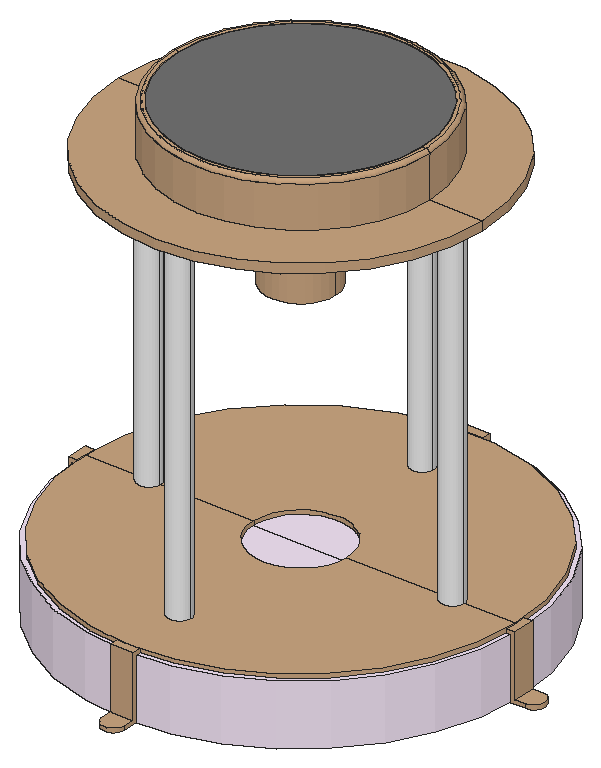
Revit family "Floor_Drain-JayRSmith-2039_Series", category Plumbing Fixtures, Revit 2018
Family settings
  Round Connector Dimension = Use Radius
  Part Type = Normal
  OmniClass Number = 23.70.50.21.24
  OmniClass Title = Waste Water Drains
  Work Plane-Based = Yes
  Always vertical = No
  Cut with Voids When Loaded = No
  Shared = Yes
  Room Calculation Point = No
Parameters (values of type "2039-02 (12" Top)")
  Width = 12 1/8"
  Waste Connection = yes
  Vent Connection = no
  URL = "www.jrsmith.com"
  Top to Base Height (Min. 3-3/4, Max. 13-5/8) [instance] = 13 5/8"
  Product Page URL = "https://www.jrsmith.com/product.aspx?ProductId=165"
  Product Function = "Used in flat roofs, gutters or valleys of any construction. Small diameter pan is particularly adaptable to gutters and valleys where limited space is available. Flashing clamp holds flashing and roofing materials without puncturing. Low profile dome provides sufficient free area for quick drainage of rain water and protects the drain sump and connected piping from the intrusion of debris."  # constant formula
  Product Documentation Link = "https://www.jrsmith.com/uploads/fileLibrary/d2039.pdf"
  Price = "Prices may vary. Please consult Manufacturer Representative for most up-to-date price list."  # constant formula
  Phone Number = "416-250-5656"  # constant formula
  PB - Polished Bronze Top = no
  Omniclass Table 23 Title = "Waste Water Drains"  # constant formula
  Omniclass Table 23 Code = "23.70.50.21.24"  # constant formula
  NB - Nickel Bonze Cover = yes
  Model = "2039"  # constant formula
  Material = Cast Iron-Jay R Smith-Duco Coated
  Masterformat Title = "Sanitary Drains"  # constant formula
  Masterformat Number = "22 13 19.13"  # constant formula
  Manufacturer = "Jay R. Smith"
  M - Ducolite Iron Grate = yes
  Length = 12 1/8"
  Height = 15 7/32"
  HW Connection = no
  G - Galvanized Cast Iron = no
  Drain = 2130 Med Duty Floor Drain 12 Top Size : 2130-02
  Description = "Floor Drain with FormIt® Installation Device"  # constant formula
  Default Elevation = 0"
  Creation Date = "7/31/20"  # constant formula
  Created By = "Allied Technical Solutions"  # constant formula
  Connection Size = 2"
  Connection Radius = Connection Size / 2  # 1"
  CW Connection = no
  Body Diameter = 15 1/4"
  Assembly Code = "D2030300"
  ATS URL = "http://www.atsspec.net"
Types (9): name | Drain | Connection Size | Connection Radius | Body Diameter
  (no name) | 2130 Med Duty Floor Drain 12 Top Size : 2130-02 | 2" | 1" | 15 1/4"
  2039-02 (8.5" Top) | 2110 Med Duty Floor Drain 8.5 Top Size : 2110-02 | 2" | 1" | 12"
  2039-03 (8.5" Top) | 2110 Med Duty Floor Drain 8.5 Top Size : 2110-03 | 3" | 1 1/2" | 12"
  2039-04 (8.5" Top) | 2110 Med Duty Floor Drain 8.5 Top Size : 2110-04 | 4" | 2" | 12"
  2039-06 (8.5" Top) | 2110 Med Duty Floor Drain 8.5 Top Size : 2110-06 | 6" | 3" | 12"
  2039-02 (12" Top) | 2130 Med Duty Floor Drain 12 Top Size : 2130-02 | 2" | 1" | 15 1/4"
  2039-03 (12" Top) | 2130 Med Duty Floor Drain 12 Top Size : 2130-03 | 3" | 1 1/2" | 15 1/4"
  2039-04 (12" Top) | 2130 Med Duty Floor Drain 12 Top Size : 2130-04 | 4" | 2" | 15 1/4"
  2039-06 (12" Top) | 2130 Med Duty Floor Drain 12 Top Size : 2130-06 | 6" | 3" | 15 1/4"
Reference planes (in)
  plane 1 "Center (Front/Back)": y = 0
  plane 2: z = 0
  plane 3 "Center (Left/Right)": x = 0
  plane 4: y = 0.36122
  plane 5: y = -0.36122
  plane 6: y = 6
  plane 7: y = -6
  plane 8: x = -6
  plane 9: x = 6
  plane 10: z = -1.47656
  plane 11: z = -15.10156
  plane 12: z = -13.10986
  plane 13: x = -1
  plane 14: x = -6.625
  plane 15: x = 6.625
  plane 16: y = 6.625
  plane 17: y = -6.625
  plane 18: x = -5
  plane 19: x = 5
  plane 20: y = -5
  plane 21: y = 5
  plane 22: z = -1.77307
Forms (in)
  Extrusion 1, solid, material "Steel"
    sketch origin (0, 0, 0) x (1, 0, 0) y (0, 1, 0)
      loop
        circle (5, 0) r 0.375
      loop
        circle (-5, 0) r 0.375
      loop
        circle (0, 5) r 0.375
      loop
        circle (0, -5) r 0.375
    from -13.10986 to -1.77307
  Revolve 2, solid, material "Cast Iron-Jay R Smith-Duco Coated"
    sketch origin (0, 0, 0) x (1, 0, 0) y (0, 0, 1)
      loop
        line (-1.54064, -12.97656) -> (-7.08128, -12.97656) -> (-7.08128, -13.10986) -> (-1.54064, -13.10986) -> (-1.54064, -12.97656)
      axis (0, -13.10986) -> (0, -12.97656)
    angle from 0 to 360
Dimensions and locks (in)
  locked: plane 1 "Center (Front/Back)" to plane 4 at 0.36122
  locked: plane 5 to plane 1 "Center (Front/Back)" at 0.36122
  locked: plane 7 to plane 6 at 12
  equal spacing: plane 7, plane 1 "Center (Front/Back)", plane 6
  locked: plane 9 to plane 8 at 12
  equal spacing: plane 9, plane 3 "Center (Left/Right)", plane 8
  "Top to Base Height (Min. 3-3/4, Max. 13-5/8)": plane 10 to plane 11
  locked: plane 12 to plane 11 at 1.9917
  "Connection Radius": plane 3 "Center (Left/Right)" to plane 13
  locked: Revolve 2 sketch curve to plane 13 at 0.54064
  locked: plane 8 to plane 14 at 0.625
  locked: plane 9 to plane 15 at 0.625
  locked: plane 6 to plane 16 at 0.625
  locked: plane 7 to plane 17 at 0.625
  locked: plane 3 "Center (Left/Right)" to Revolve 2 sketch curve at 7.08128
  plane 6 to plane 7 = 12"
  aligned and locked: plane 3 "Center (Left/Right)" to nested 1
  aligned and locked: plane 1 "Center (Front/Back)" to nested 1
  aligned and locked: nested 1 to plane 11
  aligned and locked: Extrusion 1 to plane 12
  aligned and locked: Revolve 2 sketch curve to plane 12
  aligned and locked: plane 3 "Center (Left/Right)" to Extrusion 1 sketch curve  (x2)
  aligned and locked: plane 1 "Center (Front/Back)" to Extrusion 1 sketch curve  (x2)
  aligned and locked: plane 3 "Center (Left/Right)" to nested 2
  aligned and locked: plane 1 "Center (Front/Back)" to nested 2
  aligned and locked: nested 2 to plane 2
  aligned and locked: plane 18 to Extrusion 1 sketch curve
  aligned and locked: plane 19 to Extrusion 1 sketch curve
  aligned and locked: plane 20 to Extrusion 1 sketch curve
  aligned and locked: plane 21 to Extrusion 1 sketch curve
  aligned and locked: Extrusion 1 to plane 22
Automatic sketch dimensions
  Revolve 2 sketch curve to plane 3 "Center (Left/Right)" = 0"
  Revolve 2 sketch curve to Revolve 2 sketch curve = 0.1333"
  plane 11 to Revolve 2 sketch curve = 2"
  Revolve 2 sketch curve to Revolve 2 sketch curve = 1 1/4"
  radius of Extrusion 1 sketch curve = 3/8"  (x4)
Nested families (in)
  nested 1: "Leg" at (0, 0, -12.97656), type "Leg"
  nested 2: "2110 Med Duty Floor Drain 8.5 Top Size" at (0, 0, -0.125), type "2110-02"
Connectors (in)
  piping at (0, 0, -15.10156), diameter 2, driven by "Connection Radius"
    settings: on nested 1, index 1, connector inside diameter 24", connector length 0", flow factor 0, pipe flow 0 GPM, pressure drop 0.00 psi, fitting loss kfactor 0, connector angle 0.00°, fixture units 0, engagement length 0", angle of deflection 0.00°, flow configuration 0, flow direction 2, fitting loss method 0, system type 16, joint type 0, gender type 0, connector reference index -1, connector utility 0, adjustable connector no, is connector primary yes, connector description "Outlet Connection"
Definition of nested family "Leg"
  Parameters (values of type "Leg")
    Width = 16 5/8"
    Waste Connection Radius = 1"
    Waste Connection Diameter = Waste Connection Radius * 2  # 2"
    Waste Connection = yes
    Vent Connection = no
    URL = "www.jrsmith.com"
    U - Vandal Proof Screw = no
    Strainer Height = 0"
    Strainer Diameter or SQ = 0"
    Product Page URL = "https://www.jrsmith.com/product.aspx?ProductId=227"
    Product Function = "Used in flat roofs, gutters or valleys of any construction. Small diameter pan is particularly adaptable to gutters and valleys where limited space is available. Flashing clamp holds flashing and roofing materials without puncturing. Low profile dome provides sufficient free area for quick drainage of rain water and protects the drain sump and connected piping from the intrusion of debris."  # constant formula
    Product Documentation Link = "https://www.jrsmith.com/uploads/fileLibrary/d3250.pdf"
    Price = "Prices may vary. Please consult Manufacturer Representative for most up-to-date price list."  # constant formula
    Phone Number = "416-250-5656"  # constant formula
    PDBS - Polished Aluminum Dome Bottom Strainer = no
    Omniclass Table 23 Title = "Waste Water Drains"  # constant formula
    Omniclass Table 23 Code = "23.70.50.21.24"  # constant formula
    No-Hub Outlet = no
    Model = "3250C"
    Material = none
    Masterformat Title = "Sanitary Drains"  # constant formula
    Masterformat Number = "22 13 19.13"  # constant formula
    Manufacturer = "Jay R. Smith"
    Length = 28 5/8"
    Height = 20 1/2"
    HW Connection = no
    FBS - Flat Bottom Strainer = no
    Description = "Sani-Ceptor® Sanitary Acid Resistant Coated Sanitary Floor and Indirect Waste Drains with Extra Deep Receptor and Rectangular Nickel Bronze Top"
    Default Elevation = 0"
    Creation Date = "6/10/20"  # constant formula
    Created By = "Allied Technical Solutions"  # constant formula
    Caulk Outlet = yes
    CW Connection = no
    C - flashing clamp = no
    Assembly Code = "D2030300"
    ATS URL = "http://www.atsspec.net"
  Reference planes (in)
    plane 1 "Center (Front/Back)": y = 0
    plane 2: z = 0
    plane 3 "Center (Left/Right)": x = 0
    plane 4: y = 0.36122
    plane 5: y = -0.36122
    plane 6: z = -2.125
    plane 7: z = 0
    plane 8: x = -8.0625
    plane 9: x = 8.0625
    plane 10: x = 5.23438
  Forms (in)
    Extrusion 1, solid
      sketch origin (0, 0, 12.96875) x (1, 0, 0) y (0, 0, 1)
        loop
          line (-6.76878, -13.10205) -> (-6.76878, -12.96875) -> (-7.35937, -12.96875) -> (-7.35937, -14.96875) -> (-8.0625, -14.96875) -> (-8.0625, -15.09375) -> (-7.23437, -15.09375) -> (-7.23437, -13.10205) -> (-6.76878, -13.10205)
      from -0.36122 to 0.36122
    Extrusion 2, void
      sketch origin (-2, 0, 12.96875) x (1, 0, 0) y (0, 1, 0)
        loop
          line (-5.70128, 0.36122) -> (-5.70128, 0.61122) -> (-6.37764, 0.61122) -> (-6.37764, -0.61122) -> (-5.70128, -0.61122) -> (-5.70128, -0.36122)
          arc (-5.70128, -0.36122) -> (-6.0625, 0) -> (-5.70128, 0.36122) r 0.36122
        loop
          line (-5.05486, -0.51747) -> (-4.61253, -0.51747) -> (-4.61253, 0.51747) -> (-5.05486, 0.51747)
          arc (-5.05486, 0.51747) -> (-5.08128, 0) -> (-5.05486, -0.51747) r 5.08128
        loop
          arc (9.70128, 0.36122) -> (10.0625, 0) -> (9.70128, -0.36122) r 0.36122
          line (9.70128, -0.36122) -> (9.70128, -0.61122) -> (10.37764, -0.61122) -> (10.37764, 0.61122) -> (9.70128, 0.61122) -> (9.70128, 0.36122)
        loop
          arc (9.05486, -0.51747) -> (9.08128, 0) -> (9.05486, 0.51747) r 5.08128
          line (9.05486, 0.51747) -> (8.61253, 0.51747) -> (8.61253, -0.51747) -> (9.05486, -0.51747)
      from -17.0032 to -9.64667
    Revolve 3, solid
      sketch origin (0, 0, 12.96875) x (1, 0, 0) y (0, 0, 1)
        loop
          line (-7.23438, -15.09375) -> (0, -15.09375) -> (0, -13.10205) -> (-7.23438, -13.10205) -> (-7.23438, -15.09375)
        axis (0, -15.09375) -> (0, -13.10205)
      angle from 0 to 360
    Extrusion 4, solid
      sketch origin (0, 0, 12.96875) x (-1, 0, 0) y (0, 0, -1)
        loop
          line (-6.76878, 13.10205) -> (-7.23437, 13.10205) -> (-7.23437, 15.09375) -> (-8.0625, 15.09375) -> (-8.0625, 14.96875) -> (-7.35937, 14.96875) -> (-7.35937, 12.96875) -> (-6.76878, 12.96875) -> (-6.76878, 13.10205)
      from -0.36122 to 0.36122
    Extrusion 5, solid
      sketch origin (0, 0, 12.96875) x (0, 1, 0) y (0, 0, 1)
        loop
          line (-6.76878, -13.10205) -> (-6.76878, -12.96875) -> (-7.35938, -12.96875) -> (-7.35938, -14.96875) -> (-8.0625, -14.96875) -> (-8.0625, -15.09375) -> (-7.23438, -15.09375) -> (-7.23438, -13.10205) -> (-6.76878, -13.10205)
      from -0.36122 to 0.36122
    Extrusion 6, void
      sketch origin (0, -2, 12.96875) x (0, 1, 0) y (-1, 0, 0)
        loop
          line (-5.70128, 0.36122) -> (-5.70128, 0.61122) -> (-6.37764, 0.61122) -> (-6.37764, -0.61122) -> (-5.70128, -0.61122) -> (-5.70128, -0.36122)
          arc (-5.70128, -0.36122) -> (-6.0625, 0) -> (-5.70128, 0.36122) r 0.36122
        loop
          line (-5.05486, -0.51747) -> (-4.61253, -0.51747) -> (-4.61253, 0.51747) -> (-5.05486, 0.51747)
          arc (-5.05486, 0.51747) -> (-5.08128, 0) -> (-5.05486, -0.51747) r 5.08128
        loop
          arc (9.70128, 0.36122) -> (10.0625, 0) -> (9.70128, -0.36122) r 0.36122
          line (9.70128, -0.36122) -> (9.70128, -0.61122) -> (10.37764, -0.61122) -> (10.37764, 0.61122) -> (9.70128, 0.61122) -> (9.70128, 0.36122)
        loop
          arc (9.05486, -0.51747) -> (9.08128, 0) -> (9.05486, 0.51747) r 5.08128
          line (9.05486, 0.51747) -> (8.61253, 0.51747) -> (8.61253, -0.51747) -> (9.05486, -0.51747)
      from -17.0032 to -9.64667
    Extrusion 7, solid
      sketch origin (0, 0, 12.96875) x (0, -1, 0) y (0, 0, -1)
        loop
          line (-6.76878, 13.10205) -> (-7.23437, 13.10205) -> (-7.23437, 15.09375) -> (-8.0625, 15.09375) -> (-8.0625, 14.96875) -> (-7.35937, 14.96875) -> (-7.35937, 12.96875) -> (-6.76878, 12.96875) -> (-6.76878, 13.10205)
      from -0.36122 to 0.36122
  Cuts and joins
    Extrusion 2 cuts Extrusion 1
    Extrusion 2 cuts Extrusion 4
    Extrusion 6 cuts Extrusion 5
    Extrusion 6 cuts Extrusion 7
  Dimensions and locks (in)
    locked: plane 1 "Center (Front/Back)" to plane 4 at 0.36122
    locked: plane 5 to plane 1 "Center (Front/Back)" at 0.36122
    locked: Extrusion 1 sketch curve to plane 6 at 0.125
    Extrusion 1 sketch curve to Extrusion 1 sketch curve to Extrusion 1 sketch curve to plane 8 = 0.4656" locked, 1/8" locked, 45/64" locked
    Extrusion 4 sketch curve to Extrusion 4 sketch curve to Extrusion 4 sketch curve = 0.4656" locked, 1/8" locked
    Extrusion 5 sketch curve to Extrusion 5 sketch curve to Extrusion 5 sketch curve = 0.4656" locked, 1/8" locked
    Extrusion 7 sketch curve to Extrusion 7 sketch curve to Extrusion 7 sketch curve = 0.4656" locked, 1/8" locked
    plane 9 to plane 8 = 16 1/8"
    aligned and locked: plane 7 to Extrusion 1 sketch curve
    aligned and locked: plane 6 to Extrusion 1 sketch curve
    aligned and locked: Extrusion 1 sketch curve to plane 8
Definition of nested family "2110 Med Duty Floor Drain 8.5 Top Size"
  Parameters (values of type "2110-02")
    Weight (lb) = 18.36
    Waste Connection = no
    Warranty = "1 year material and workmanship"  # constant formula
    Vent Connection = no
    URL = "http://www.jrsmith.com"
    Threaded = yes
    Technical and Installation = "http://www.jrsmith.com/products/floor/tech_data_index.htm"
    SmartBIM Object Version = 3  # constant formula
    SmartBIM Object Created By = "Reed Construction Data"  # constant formula
    Push On = yes
    Product URL = "http://www.jrsmith.com/products/floor/submittal/d2110.pdf"
    Pipe Radius = Pipe Diameter / 2  # 1"
    Pipe Diameter = 2"
    Outlet Diameter = "2\""
    OmniClass Title = "Sanitary Drains"  # constant formula
    OmniClass Code = "22-22 13 19 13"  # constant formula
    No Hub = yes
    Model = "2110"  # constant formula
    Material Finish = none
    Material = none
    Manufacturer = "Jay R. Smith Mfg. Co. "  # constant formula
    Free Area (sq. in) = "14.25"  # constant formula
    Flow Rate = ""
    Description = "Duco cast iron body and flashing collar with cast iron bar grate"  # constant formula
    Default Elevation = 0"  # constant formula
    Connection Type = ""
    Caulk = yes
    B = 3 3/4"
    Assembly Code = "D2030300"
    95 CSI = "15155"  # constant formula
    04 CSI = "22 13 19"  # constant formula
  Types (4): name | Weight (lb) | Pipe Radius | Pipe Diameter | Outlet Diameter
    2110-02 | 18.36 | 1" | 2" | "2\""
    2110-03 | 16.51 | 1 1/2" | 3" | "3\""
    2110-04 | 16.72 | 2" | 4" | "4\""
    2110-06 | 17.41 | 3" | 6" | "6\""
  Reference planes (in)
    plane 1 "Center (Front/Back)": y = 0
    plane 2: z = -0.02307
    plane 3 "Center (Left/Right)": x = 0
    plane 4: z = 0.125
    plane 5: z = -3.60193
    plane 6: x = -1
    plane 7: x = 1
    plane 8: x = -6
    plane 9: x = 6
    plane 10: x = 2
    plane 11: x = -4.25
    plane 12: x = 4.25
  Dimensions and locks (in)
    equal spacing: plane 7, plane 3 "Center (Left/Right)", plane 6
    plane 8 to plane 9 = 12"
    "Pipe Radius": plane 7 to plane 3 "Center (Left/Right)"
    plane 7 to plane 10 = 1"
    plane 11 to plane 12 = 8 1/2"
    locked: plane 4 to level at 0.125
    aligned and locked: plane 3 "Center (Left/Right)" to nested 1
    aligned and locked: plane 1 "Center (Front/Back)" to nested 1
    aligned and locked: plane 4 to nested 1
  Nested families (in)
    nested 1: "2110_JRSmith" at (0, 0, -1.64807), type "2110-06"
  Connectors (in)
    piping at (0, 0, -5.25), diameter 2, driven by "Pipe Radius"
      settings: on nested 1, index 1, connector inside diameter 2", connector length 0", flow factor 0, pipe flow 0 GPM, pressure drop 0.00 psi, fitting loss kfactor 0, connector angle 0.00°, fixture units 0, engagement length 0", angle of deflection 0.00°, flow configuration 0, flow direction 0, fitting loss method 0, system type 7, joint type 0, gender type 0, connector reference index -1, connector utility 0, adjustable connector no, is connector primary yes, connector description ""
  Definition of nested family "2110_JRSmith"
    Parameters
      Weight (lb) = 17.41
      Waste Connection = no
      Warranty = "1 year material and workmanship"  # constant formula
      Vent Connection = no
      URL = "http://www.jrsmith.com"
      Threaded = yes
      Technical and Installation = "http://www.jrsmith.com/products/floor/tech_data_index.htm"
      SmartBIM Object Version = 3  # constant formula
      SmartBIM Object Created By = "Reed Construction Data"  # constant formula
      Push On = yes
      Product URL = "http://www.jrsmith.com/products/floor/submittal/d2110.pdf"
      Pipe Radius = Pipe Diameter / 2  # 3"
      Pipe Diameter = 6"
      Outlet Diameter = "6\""
      OmniClass Title = "Sanitary Drains"  # constant formula
      OmniClass Code = "22-22 13 19 13"  # constant formula
      No Hub = yes
      Model = "2110"  # constant formula
      Material Finish = none
      Material = none
      Manufacturer = "Jay R. Smith Mfg. Co. "  # constant formula
      Free Area (sq. in) = "14.25"  # constant formula
      Flow Rate = ""
      Description = "Duco cast iron body and flashing collar with cast iron bar grate"  # constant formula
      Default Elevation = 0"  # constant formula
      Connection Type = ""
      Caulk = yes
      B = 3 3/4"
      Assembly Code = "D2030300"
      95 CSI = "15155"  # constant formula
      04 CSI = "22 13 19"  # constant formula
    Reference planes (in)
      plane 1 "Center (Front/Back)": y = 0
      plane 2: z = 0
      plane 3 "Center (Left/Right)": x = 0
      plane 4: z = 0.14807
      plane 5: z = -3.60193
      plane 6: x = -3
      plane 7: x = 3
      plane 8: x = 6
      plane 9: z = 1.77307
      plane 10: x = -6
      plane 11: x = 6
      plane 12: x = 4.25
      plane 13: x = 4
      plane 14: x = -4.25
      plane 15: x = 4.25
    Forms (in)
      Revolve 1, solid, material <- "Material"
        sketch origin (0, 0, 0) x (1, 0, 0) y (0, 0, 1)
          loop
            line (6, 0) -> (6, 0.29651) -> (4.25, 0.29651) -> (4.25, 1.64807)
            arc (4.25, 1.64807) -> (4.21265, 1.73823) -> (4.12249, 1.77558) r 0.12751
            line (4.12249, 1.77558) -> (4.01824, 1.77558) -> (4.01824, 1.56377) -> (3.7915, 1.56377) -> (3.7915, 1.38063) -> (4.00952, 1.38063) -> (4.00952, -0.67264) -> (3, -0.67264) -> (3, -3.60193) -> (3.15546, -3.60193) -> (3.15546, -0.82736) -> (4.25, -0.82736) -> (4.25, -0.40947) -> (6, 0)
          axis (0, 1.77558) -> (0, -3.60193)
        angle from 0 to 360
      Extrusion 2, solid, material <- "Material Finish"
        sketch origin (0, 0, 0) x (1, 0, 0) y (0, 1, 0)
          loop
            circle (0, 0) r 4
        from 1.56377 to 1.77307
    Dimensions and locks (in)
      locked: plane 4 to plane 2 at 0.14807
      "B": plane 4 to plane 5
      equal spacing: plane 7, plane 3 "Center (Left/Right)", plane 6
      locked: Revolve 1 sketch curve to Revolve 1 sketch curve at 0.15546
      plane 10 to plane 11 = 12"
      plane 9 to plane 4 = 1 5/8"
      plane 8 to plane 12 to Revolve 1 sketch curve to Revolve 1 sketch curve = 1 3/4" locked, 0.24048" locked, 0.21802" locked
      "Pipe Radius": plane 7 to plane 3 "Center (Left/Right)"
      plane 7 to plane 13 = 1"
      plane 14 to plane 15 = 8 1/2"
      aligned and locked: Revolve 1 sketch curve to plane 5
      aligned and locked: plane 7 to Revolve 1 sketch curve
      aligned and locked: Revolve 1 sketch curve to plane 12  (x2)
    Automatic sketch dimensions
      Extrusion 2 sketch curve to plane 1 "Center (Front/Back)" = 0"
      Extrusion 2 sketch curve to plane 3 "Center (Left/Right)" = 0"
      Revolve 1 sketch curve to plane 3 "Center (Left/Right)" = 0"
      Revolve 1 sketch curve to level = 0"
      Revolve 1 sketch curve to plane 8 = 0"
      Revolve 1 sketch curve to plane 9 = 0.00251"
      Revolve 1 sketch curve to plane 12 = 0.23176"
      Revolve 1 sketch curve to Revolve 1 sketch curve = 0.10425"
      Revolve 1 sketch curve to level = 0.94029"
      Revolve 1 sketch curve to Revolve 1 sketch curve = 0.26317"
      Revolve 1 sketch curve to plane 4 = 19/128"
      Revolve 1 sketch curve to Revolve 1 sketch curve = 0.26744"
      plane 9 to Revolve 1 sketch curve = 0.22947"
      Revolve 1 sketch curve to Revolve 1 sketch curve = 0.18314"
      Revolve 1 sketch curve to Revolve 1 sketch curve = 0"
      Revolve 1 sketch curve to level = 0.82736"
      Revolve 1 sketch curve to Revolve 1 sketch curve = 0.15472"
      radius of Extrusion 2 sketch curve = 4"
